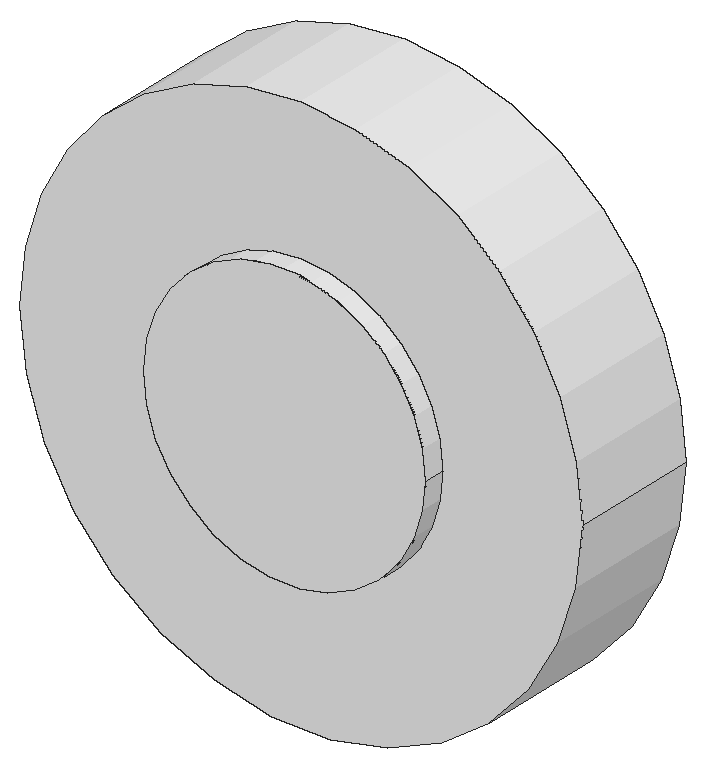
Revit family "FB-185-19-1", category Plumbing Fixtures, Revit 2014
Parameters (values of type "FB-185-19-1")
  URL = "http://www.helvex.com.mx/contenido.php?producto=748"
  Type Comments = "Flushvalves"
  Power Consumption = 2 W
  Note = "Feeding Pipe Must Be 1 ¼\" and Connection a 1 ¼\" - 1\" Reductor to Stop Valve"
  Model = "FB-185-19-1"
  Min. Working Pressure = 14.22 psi
  Max. Working Pressure = 85.34 psi
  Manufacturer = "Helvex"
  Instructive = "http://www.helvex.com.mx/productos/instructivos/FB-185-19-1.pdf"
  Flow = "0.26 Gallons Per Flush"
  Feeding Voltage = 6 V
  Features = "Operates With a 6V Lithium Battery; Button With Antibacterial Coating; Left or Right Connection"
  Documentation = "http://www.helvex.com.mx/productos/fichas/FB-185-19-1.pdf"
  Description = "0.26\" gpf, Battery Operated Electronic Urinal Flushvalve With Button"
  Connection = "1\" Feeding Connection"
  Compliance = "NOM-005-CONAGUA-1996"
  Chrome = Brass Chromed
  Certification = "http://www.helvex.com.mx/productos/vistas/FB-185-19-1.pdf"
  CW Connection = yes
Reference planes (in)
  plane 1 "Center (Front/Back)": y = 0
  plane 2: z = 0
  plane 3 "Center (Left/Right)": x = 0
  plane 4: y = -2.4
  plane 5: z = 42
Forms (in)
  Extrusion 1, solid, material "Brass Chromed" <- "Chrome"
    sketch origin (0, 0, 42) x (1, 0, 0) y (0, 0, 1)
      loop
        circle (-5.28139, 12.428) r 0.69
    from 0 to 0.7315
  Extrusion 2, solid, material "Brass Chromed" <- "Chrome"
    sketch origin (0, 0, 42) x (1, 0, 0) y (0, 0, 1)
      loop
        circle (-5.28139, 12.428) r 1.375
    from 0 to 0.63
Dimensions and locks (in)
  plane 4 to plane 1 "Center (Front/Back)" = 2.4"
  locked: plane 5 to plane 2 at 42
  locked: plane 4 to plane 1 "Center (Front/Back)" at 2.4
  plane 5 to level = 42"
  aligned and locked: level to plane 2
Connectors (in)
  piping at (-5.28139, 0, 54.428), diameter 1, driven by "CW Connection"
    settings: on Extrusion 1, index 1, connector inside diameter 24", connector length 0", flow factor 0, pipe flow 0.0 GPM, pressure drop 0.0 psi, fitting loss kfactor 0, connector angle 0.00°, fixture units 0, engagement length 0", angle of deflection 0.00°, flow configuration 2, flow direction 1, fitting loss method 0, system type 16, joint type 0, gender type 0, connector reference index -1, connector utility 1, adjustable connector no, is connector primary yes, connector description ""
  piping at (0, -2.4, 42), diameter 0.75, driven by "CW Connection"
    settings: on import instance, index 2, connector inside diameter 24", connector length 0", flow factor 0, pipe flow 0.0 GPM, pressure drop 0.0 psi, fitting loss kfactor 0, connector angle 0.00°, fixture units 0, engagement length 0", angle of deflection 0.00°, flow configuration 2, flow direction 1, fitting loss method 0, system type 16, joint type 0, gender type 0, connector reference index -1, connector utility 1, adjustable connector no, is connector primary no, connector description ""
